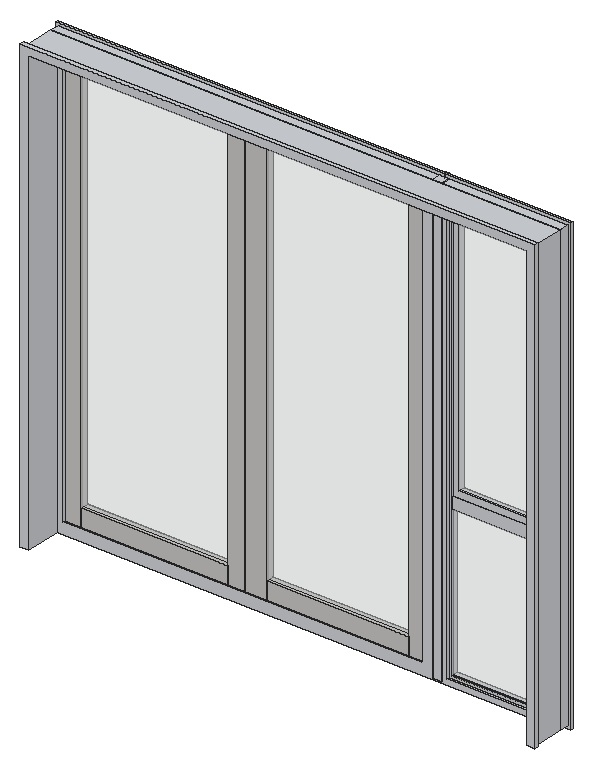
Revit family "APL Residential Thermal Heart French Door with Sidelight", category Doors, host Wall, Revit 2017 (continued)
Definition of nested family "APL Residential Thermal Heart French Door with Sidelight Horizontal Section"
  Definition of nested family "Open Out Jamb&Hinge"
    Definition of nested family "65210_Lock Stile"
      Lines and regions (mm)
        model lines, in view "Ref. Level"
          curve 204: line (50.1, 87, 0) -> (50.1, 71.5, 0)
          curve 205: line (49.6, 71, 0) -> (44.78, 71, 0)
          curve 206: line (44.58, 70.8, 0) -> (44.58, 70.2, 0)
          curve 207: line (44.38, 70, 0) -> (42.583, 70, 0)
          curve 208: line (41.813, 70.268, 0) -> (40.403, 70.782, 0)
          curve 209: line (40.001, 70.474, 0) -> (40.208, 68.108, 0)
          curve 210: line (40.295, 67.922, 0) -> (40.659, 67.559, 0)
          curve 211: line (40.993, 67.648, 0) -> (41.038, 67.816, 0)
          curve 212: line (41.038, 67.816, 0) -> (43.168, 68.49, 0)
          curve 213: line (43.168, 68.49, 0) -> (43.4, 68.5, 0)
          curve 214: line (43.5, 67.753, 0) -> (43.5, 64.525, 0)
          curve 215: line (43.5, 64.525, 0) -> (43.694, 63.75, 0)
          curve 216: line (43.5, 63.5, 0) -> (42.979, 63.5, 0)
          curve 217: line (42.979, 63.5, 0) -> (41.569, 64.309, 0)
          curve 218: arc (41.38, 64.663, 0) -> (41.128, 64.668, 0) -> (41, 64.45, 0) r 0.25
          curve 219: arc (30.9, 8.561, 0) -> (31.017, 8.844, 0) -> (31.3, 8.961, 0) r 0.4
          curve 220: arc (31.593, 8.961, 0) -> (31.696, 8.947, 0) -> (31.793, 8.907, 0) r 0.4
          curve 221: arc (33.321, 8.022, 0) -> (33.611, 7.902, 0) -> (33.922, 7.861, 0) r 1.2
          curve 222: arc (34.845, 7.861, 0) -> (35.418, 7.68, 0) -> (35.784, 7.203, 0) r 1
          curve 223: arc (36.577, 5.024, 0) -> (36.724, 4.833, 0) -> (36.953, 4.761, 0) r 0.4
          curve 224: arc (43.447, 4.761, 0) -> (43.676, 4.833, 0) -> (43.823, 5.024, 0) r 0.4
          curve 225: arc (44.616, 7.203, 0) -> (44.982, 7.68, 0) -> (45.555, 7.861, 0) r 1
          curve 226: arc (46.478, 7.861, 0) -> (46.789, 7.902, 0) -> (47.079, 8.022, 0) r 1.2
          curve 227: arc (48.607, 8.907, 0) -> (48.704, 8.947, 0) -> (48.807, 8.961, 0) r 0.4
          curve 228: arc (49.1, 8.961, 0) -> (49.383, 8.844, 0) -> (49.5, 8.561, 0) r 0.4
          curve 229: arc (49.5, 5.161, 0) -> (49.383, 4.878, 0) -> (49.1, 4.761, 0) r 0.4
          curve 230: arc (48.807, 4.761, 0) -> (48.704, 4.775, 0) -> (48.607, 4.815, 0) r 0.4
          curve 231: arc (47.079, 5.699, 0) -> (46.785, 5.821, 0) -> (46.47, 5.861, 0) r 1.2
          curve 232: arc (46.47, 5.861, 0) -> (46.295, 5.808, 0) -> (46.184, 5.664, 0) r 0.3
          curve 233: arc (45.296, 3.224, 0) -> (45.149, 3.033, 0) -> (44.92, 2.961, 0) r 0.4
          curve 234: arc (35.48, 2.961, 0) -> (35.251, 3.033, 0) -> (35.104, 3.224, 0) r 0.4
          curve 235: arc (34.216, 5.664, 0) -> (34.105, 5.808, 0) -> (33.93, 5.861, 0) r 0.3
          curve 236: arc (33.93, 5.861, 0) -> (33.615, 5.821, 0) -> (33.321, 5.699, 0) r 1.2
          curve 237: arc (31.793, 4.815, 0) -> (31.696, 4.775, 0) -> (31.593, 4.761, 0) r 0.4
          curve 238: arc (31.3, 4.761, 0) -> (31.017, 4.878, 0) -> (30.9, 5.161, 0) r 0.4
          curve 239: line (31.3, 8.961, 0) -> (31.593, 8.961, 0)
          curve 240: line (31.793, 8.907, 0) -> (33.321, 8.022, 0)
          curve 241: line (33.922, 7.861, 0) -> (34.845, 7.861, 0)
          curve 242: line (35.784, 7.203, 0) -> (36.577, 5.024, 0)
          curve 243: line (36.953, 4.761, 0) -> (43.447, 4.761, 0)
          curve 244: line (43.823, 5.024, 0) -> (44.616, 7.203, 0)
          curve 245: line (45.555, 7.861, 0) -> (46.478, 7.861, 0)
          curve 246: line (47.079, 8.022, 0) -> (48.607, 8.907, 0)
          curve 247: line (48.807, 8.961, 0) -> (49.1, 8.961, 0)
          curve 248: line (49.5, 8.561, 0) -> (49.5, 5.161, 0)
          curve 249: line (49.1, 4.761, 0) -> (48.807, 4.761, 0)
          curve 250: line (48.607, 4.815, 0) -> (47.079, 5.699, 0)
          curve 251: line (46.184, 5.664, 0) -> (45.296, 3.224, 0)
          curve 252: line (44.92, 2.961, 0) -> (35.48, 2.961, 0)
          curve 253: line (35.104, 3.224, 0) -> (34.216, 5.664, 0)
          curve 254: line (33.321, 5.699, 0) -> (31.793, 4.815, 0)
          curve 255: line (31.593, 4.761, 0) -> (31.3, 4.761, 0)
          curve 256: line (30.9, 5.161, 0) -> (30.9, 8.561, 0)
          curve 257: arc (24.9, 64.439, 0) -> (25.017, 64.156, 0) -> (25.3, 64.039, 0) r 0.4
          curve 258: arc (25.593, 64.039, 0) -> (25.696, 64.053, 0) -> (25.793, 64.093, 0) r 0.4
          curve 259: arc (27.321, 64.978, 0) -> (27.611, 65.098, 0) -> (27.922, 65.139, 0) r 1.2
          curve 260: arc (28.845, 65.139, 0) -> (29.418, 65.32, 0) -> (29.784, 65.797, 0) r 1
          curve 261: arc (30.577, 67.976, 0) -> (30.724, 68.167, 0) -> (30.953, 68.239, 0) r 0.4
          curve 262: arc (37.447, 68.239, 0) -> (37.676, 68.167, 0) -> (37.823, 67.976, 0) r 0.4
          curve 263: arc (38.616, 65.797, 0) -> (38.982, 65.32, 0) -> (39.555, 65.139, 0) r 1
          curve 264: arc (40.478, 65.139, 0) -> (40.789, 65.098, 0) -> (41.079, 64.978, 0) r 1.2
          curve 265: arc (42.607, 64.093, 0) -> (42.704, 64.053, 0) -> (42.807, 64.039, 0) r 0.4
          curve 266: arc (43.1, 64.039, 0) -> (43.383, 64.156, 0) -> (43.5, 64.439, 0) r 0.4
          curve 267: arc (43.5, 67.839, 0) -> (43.383, 68.122, 0) -> (43.1, 68.239, 0) r 0.4
          curve 268: arc (42.807, 68.239, 0) -> (42.704, 68.225, 0) -> (42.607, 68.185, 0) r 0.4
          curve 269: arc (41.079, 67.301, 0) -> (40.785, 67.179, 0) -> (40.47, 67.139, 0) r 1.2
          curve 270: arc (40.47, 67.139, 0) -> (40.295, 67.192, 0) -> (40.184, 67.336, 0) r 0.3
          curve 271: arc (39.296, 69.776, 0) -> (39.149, 69.967, 0) -> (38.92, 70.039, 0) r 0.4
          curve 272: arc (29.48, 70.039, 0) -> (29.251, 69.967, 0) -> (29.104, 69.776, 0) r 0.4
          curve 273: arc (28.216, 67.336, 0) -> (28.105, 67.192, 0) -> (27.93, 67.139, 0) r 0.3
          curve 274: arc (27.93, 67.139, 0) -> (27.615, 67.179, 0) -> (27.321, 67.301, 0) r 1.2
          curve 275: arc (25.793, 68.185, 0) -> (25.696, 68.225, 0) -> (25.593, 68.239, 0) r 0.4
          curve 276: arc (25.3, 68.239, 0) -> (25.017, 68.122, 0) -> (24.9, 67.839, 0) r 0.4
          curve 277: line (25.3, 64.039, 0) -> (25.593, 64.039, 0)
          curve 278: line (25.793, 64.093, 0) -> (27.321, 64.978, 0)
          curve 279: line (27.922, 65.139, 0) -> (28.845, 65.139, 0)
          curve 280: line (29.784, 65.797, 0) -> (30.577, 67.976, 0)
          curve 281: line (30.953, 68.239, 0) -> (37.447, 68.239, 0)
          curve 282: line (37.823, 67.976, 0) -> (38.616, 65.797, 0)
          curve 283: line (39.555, 65.139, 0) -> (40.478, 65.139, 0)
          curve 284: line (41.079, 64.978, 0) -> (42.607, 64.093, 0)
          curve 285: line (42.807, 64.039, 0) -> (43.1, 64.039, 0)
          curve 286: line (43.5, 64.439, 0) -> (43.5, 67.839, 0)
          curve 287: line (43.1, 68.239, 0) -> (42.807, 68.239, 0)
          curve 288: line (42.607, 68.185, 0) -> (41.079, 67.301, 0)
          curve 289: line (40.184, 67.336, 0) -> (39.296, 69.776, 0)
          curve 290: line (38.92, 70.039, 0) -> (29.48, 70.039, 0)
          curve 291: line (29.104, 69.776, 0) -> (28.216, 67.336, 0)
          curve 292: line (27.321, 67.301, 0) -> (25.793, 68.185, 0)
          curve 293: line (25.593, 68.239, 0) -> (25.3, 68.239, 0)
          curve 294: line (24.9, 67.839, 0) -> (24.9, 64.439, 0)
      Text (mm)
        text "65210" at (8.097, 105.51, 0), in view "Ref. Level"
  Definition of nested family "Glazing Bead"
    Parameters (values of type "Glazing Bead")
      Glass Lenght [instance] = 50 mm
    Reference planes
      plane 1 "Center (Front/Back)": y = 0
      plane 2: z = 0
      plane 3 "Center (Left/Right)": x = 0
      plane 4: y = -50
    Lines and regions (mm)
      Filled region 1, type "Solid Fill - Black", in view "Ref. Level"
        outline origin (0, 0, 0) x (1, 0, 0) y (0, 1, 0)
          loop
            line (4, 0) -> (4, -12) -> (20, -12) -> (20, 0) -> (4, 0)
      model lines, in view "Ref. Level"
        curve 1: line (4, -12, 0) -> (20, -12, 0)
        curve 2: line (0, -50, 0) -> (0, 0, 0)
        curve 3: line (0, 0, 0) -> (24, 0, 0)
        curve 4: line (24, 0, 0) -> (24, -50, 0)
        curve 5: line (20, 0, 0) -> (20, -50, 0)
        curve 6: line (4, 0, 0) -> (4, -50, 0)
      detail lines, in view "Ref. Level"
        curve 7: arc (-0.25, -4.9, 0) -> (0, -5.15, 0) -> (-0.25, -5.4, 0) r 0.25
        curve 8: arc (-0.25, -8.45, 0) -> (0, -8.7, 0) -> (-0.25, -8.95, 0) r 0.25
        curve 9: arc (-0.25, -9.619, 0) -> (0, -9.869, 0) -> (-0.25, -10.119, 0) r 0.25
        curve 10: arc (-0.25, -10.787, 0) -> (0, -11.037, 0) -> (-0.25, -11.287, 0) r 0.25
        curve 11: line (-0.25, -12.456, 0) -> (-1, -12.456, 0)
        curve 12: line (-1, -12.456, 0) -> (-1, -8.45, 0)
        curve 13: line (-1, -8.45, 0) -> (-2.2, -8.45, 0)
        curve 14: line (-2.2, -8.45, 0) -> (-2.2, -9.2, 0)
        curve 15: line (-2.2, -9.2, 0) -> (-2.8, -9.2, 0)
        curve 16: line (-2.8, -9.2, 0) -> (-2.8, -6.1, 0)
        curve 17: line (-2.8, -6.1, 0) -> (-2.2, -6.1, 0)
        curve 18: line (-2.2, -6.1, 0) -> (-2.2, -6.85, 0)
        curve 19: line (-2.2, -6.85, 0) -> (-1, -6.85, 0)
        curve 20: line (-1, -6.85, 0) -> (-1, -4.9, 0)
        curve 21: line (-1, -4.9, 0) -> (-0.25, -4.9, 0)
        curve 22: line (-0.25, -5.4, 0) -> (-0.25, -8.45, 0)
        curve 23: line (-0.25, -8.95, 0) -> (-0.25, -9.619, 0)
        curve 24: line (-0.25, -10.119, 0) -> (-0.25, -10.787, 0)
        curve 25: line (-0.25, -11.287, 0) -> (-0.25, -11.956, 0)
        curve 26: arc (-0.25, -11.956, 0) -> (0, -12.206, 0) -> (-0.25, -12.456, 0) r 0.25
      detail lines, in view "Ref. Level", not visible
        curve 27: arc (-0.25, -4.9, 0) -> (0, -5.15, 0) -> (-0.25, -5.4, 0) r 0.25
        curve 28: arc (-0.25, -8.45, 0) -> (0, -8.7, 0) -> (-0.25, -8.95, 0) r 0.25
        curve 29: arc (-0.25, -9.619, 0) -> (0, -9.869, 0) -> (-0.25, -10.119, 0) r 0.25
        curve 30: arc (-0.25, -10.787, 0) -> (0, -11.037, 0) -> (-0.25, -11.287, 0) r 0.25
        curve 31: line (-0.25, -12.456, 0) -> (-1, -12.456, 0)
        curve 32: line (-1, -12.456, 0) -> (-1, -8.45, 0)
        curve 33: line (-1, -8.45, 0) -> (-2.2, -8.45, 0)
        curve 34: line (-2.2, -8.45, 0) -> (-2.2, -9.2, 0)
        curve 35: line (-2.2, -9.2, 0) -> (-2.8, -9.2, 0)
        curve 36: line (-2.8, -9.2, 0) -> (-2.8, -6.1, 0)
        curve 37: line (-2.8, -6.1, 0) -> (-2.2, -6.1, 0)
        curve 38: line (-2.2, -6.1, 0) -> (-2.2, -6.85, 0)
        curve 39: line (-2.2, -6.85, 0) -> (-1, -6.85, 0)
        curve 40: line (-1, -6.85, 0) -> (-1, -4.9, 0)
        curve 41: line (-1, -4.9, 0) -> (-0.25, -4.9, 0)
        curve 42: line (-0.25, -5.4, 0) -> (-0.25, -8.45, 0)
        curve 43: line (-0.25, -8.95, 0) -> (-0.25, -9.619, 0)
        curve 44: line (-0.25, -10.119, 0) -> (-0.25, -10.787, 0)
        curve 45: line (-0.25, -11.287, 0) -> (-0.25, -11.956, 0)
        curve 46: arc (-0.25, -11.956, 0) -> (0, -12.206, 0) -> (-0.25, -12.456, 0) r 0.25
        curve 47: arc (62.983, -3.041, 0) -> (62.673, -2.901, 0) -> (62.511, -3.2, 0) r 0.25
        curve 48: arc (62.537, -13.088, 0) -> (62.7, -13.387, 0) -> (63.01, -13.247, 0) r 0.25
        curve 49: line (62.511, -3.2, 0) -> (63.505, -7.068, 0)
        curve 50: line (63.505, -7.068, 0) -> (62.502, -7.647, 0)
        curve 51: line (62.502, -7.647, 0) -> (62.502, -8.647, 0)
        curve 52: line (62.502, -8.647, 0) -> (63.527, -9.239, 0)
        curve 53: line (63.527, -9.239, 0) -> (62.537, -13.088, 0)
        curve 54: line (63.01, -13.247, 0) -> (64.734, -9.147, 0)
        curve 55: line (64.734, -9.147, 0) -> (66.002, -9.147, 0)
        curve 56: line (66.002, -9.147, 0) -> (66.002, -10.397, 0)
        curve 57: line (66.002, -10.397, 0) -> (67.002, -10.397, 0)
        curve 58: line (67.002, -10.397, 0) -> (67.002, -5.897, 0)
        curve 59: line (67.002, -5.897, 0) -> (66.002, -5.897, 0)
        curve 60: line (66.002, -5.897, 0) -> (66.002, -7.147, 0)
        curve 61: line (66.002, -7.147, 0) -> (64.71, -7.147, 0)
        curve 62: line (64.71, -7.147, 0) -> (62.983, -3.041, 0)
    Dimensions and locks
      "Glass Lenght": plane 1 "Center (Front/Back)" to plane 4
      aligned and locked: plane 4 to curve 2
      aligned and locked: plane 1 "Center (Front/Back)" to Filled region 1 sketch curve
      aligned and locked: Filled region 1 sketch curve to curve 6
      aligned and locked: Filled region 1 sketch curve to curve 1
      aligned and locked: Filled region 1 sketch curve to curve 5
    Automatic sketch dimensions
      plane 1 "Center (Front/Back)" to curve 2 = 0 mm
      curve 2 to plane 3 "Center (Left/Right)" = 0 mm
      curve 6 to plane 4 = 0 mm
      curve 5 to plane 4 = 0 mm
      curve 4 to plane 4 = 0 mm
      curve 5 to curve 3 = 4 mm
      plane 3 "Center (Left/Right)" to curve 1 = 4 mm
      curve 6 to curve 5 = 16 mm
      plane 1 "Center (Front/Back)" to curve 1 = 12 mm
    Nested families
      nested 1: "65015_Bead" at (-15.5, 6.328, 0), type "65015_Bead", in view "Ref. Level"
    Definition of nested family "65015_Bead"
      Reference planes
        plane 1 "Center (Front/Back)": y = 0
        plane 2: z = 0
        plane 3 "Center (Left/Right)": x = 0
      Lines and regions (mm)
        model lines, in view "Ref. Level"
          curve 1: arc (13.5, 12.78, 0) -> (13.558, 12.92, 0) -> (13.698, 12.978, 0) r 0.198
          curve 2: arc (14.302, 12.978, 0) -> (14.442, 12.918, 0) -> (14.5, 12.777, 0) r 0.201
          curve 3: arc (14.5, 10.175, 0) -> (14.442, 10.036, 0) -> (14.302, 9.978, 0) r 0.198
          curve 4: arc (13.698, 9.978, 0) -> (13.558, 10.036, 0) -> (13.5, 10.175, 0) r 0.198
          curve 5: arc (13.5, 11.027, 0) -> (13.442, 11.169, 0) -> (13.3, 11.228, 0) r 0.2
          curve 6: arc (12.7, 11.228, 0) -> (11.851, 11.579, 0) -> (11.5, 12.428, 0) r 1.2
          curve 7: arc (11.5, 13.628, 0) -> (11.377, 13.813, 0) -> (11.159, 13.769, 0) r 0.2
          curve 8: arc (1.546, 4.157, 0) -> (1.438, 3.995, 0) -> (1.4, 3.804, 0) r 0.5
          curve 9: arc (1.4, 1.817, 0) -> (1.467, 1.567, 0) -> (1.65, 1.384, 0) r 0.5
          curve 10: arc (10.675, -3.827, 0) -> (10.913, -4.714, 0) -> (10.025, -4.952, 0) r 0.65
          curve 11: arc (3.306, -1.073, 0) -> (2.928, -1.023, 0) -> (2.624, -1.254, 0) r 0.5
          curve 12: arc (2.587, -2.129, 0) -> (2.248, -2.45, 0) -> (1.791, -2.352, 0) r 0.5
          curve 13: arc (1.518, -2.123, 0) -> (1.466, -2.054, 0) -> (1.447, -1.97, 0) r 0.2
          curve 14: arc (1.447, -1.115, 0) -> (1.476, -1.011, 0) -> (1.555, -0.938, 0) r 0.2
          curve 15: arc (1.555, -0.938, 0) -> (1.717, -0.809, 0) -> (1.82, -0.63, 0) r 0.55
          curve 16: arc (1.82, -0.63, 0) -> (1.825, -0.452, 0) -> (1.729, -0.302, 0) r 0.3
          curve 17: arc (0.2, 0, 0) -> (0.059, 0.059, 0) -> (0, 0.2, 0) r 0.2
          curve 18: arc (0, 4.383, 0) -> (0.038, 4.575, 0) -> (0.146, 4.737, 0) r 0.5
          curve 19: arc (14.159, 18.749, 0) -> (14.377, 18.792, 0) -> (14.5, 18.608, 0) r 0.2
          curve 20: arc (14.5, 15.172, 0) -> (14.442, 15.034, 0) -> (14.303, 14.978, 0) r 0.194
          curve 21: arc (13.698, 14.978, 0) -> (13.559, 15.038, 0) -> (13.5, 15.177, 0) r 0.203
          curve 22: arc (13.5, 15.528, 0) -> (13.441, 15.669, 0) -> (13.3, 15.728, 0) r 0.201
          curve 23: arc (12.7, 15.728, 0) -> (12.559, 15.669, 0) -> (12.5, 15.528, 0) r 0.2
          curve 24: arc (12.5, 12.428, 0) -> (12.559, 12.286, 0) -> (12.7, 12.228, 0) r 0.2
          curve 25: line (13.5, 12.428, 0) -> (13.5, 12.78, 0)
          curve 26: line (13.698, 12.978, 0) -> (14.302, 12.978, 0)
          curve 27: line (14.5, 12.777, 0) -> (14.5, 10.175, 0)
          curve 28: line (14.302, 9.978, 0) -> (13.698, 9.978, 0)
          curve 29: line (13.5, 10.175, 0) -> (13.5, 11.027, 0)
          curve 30: line (13.3, 11.228, 0) -> (12.7, 11.228, 0)
          curve 31: line (11.5, 12.428, 0) -> (11.5, 13.628, 0)
          curve 32: line (11.159, 13.769, 0) -> (1.546, 4.157, 0)
          curve 33: line (1.4, 3.804, 0) -> (1.4, 1.817, 0)
          curve 34: line (1.65, 1.384, 0) -> (10.675, -3.827, 0)
          curve 35: line (10.025, -4.952, 0) -> (3.306, -1.073, 0)
          curve 36: line (2.597, -1.355, 0) -> (2.597, -2.065, 0)
          curve 37: line (1.791, -2.352, 0) -> (1.518, -2.123, 0)
          curve 38: line (1.518, -2.123, 0) -> (1.447, -1.115, 0)
          curve 39: line (1.729, -0.302, 0) -> (1.425, -0.047, 0)
          curve 40: line (1.425, -0.047, 0) -> (0.2, 0, 0)
          curve 41: line (0, 0.2, 0) -> (0, 4.383, 0)
          curve 42: line (0.146, 4.737, 0) -> (14.159, 18.749, 0)
          curve 43: line (14.5, 18.608, 0) -> (14.5, 15.172, 0)
          curve 44: line (14.303, 14.978, 0) -> (13.698, 14.978, 0)
          curve 45: line (13.5, 15.177, 0) -> (13.5, 15.528, 0)
          curve 46: line (13.3, 15.728, 0) -> (12.7, 15.728, 0)
          curve 47: line (12.5, 15.528, 0) -> (12.5, 12.428, 0)
          curve 48: line (12.7, 12.228, 0) -> (13.3, 12.228, 0)
          curve 49: arc (13.3, 12.228, 0) -> (13.441, 12.286, 0) -> (13.5, 12.428, 0) r 0.2
      Text (mm)
        text "65015" at (32.01, 10.207, 0), in view "Ref. Level"
  Definition of nested family "Keeper&Lock Stile"
    Reference planes
      plane 1 "Center (Front/Back)": y = 0
      plane 2: z = 0
      plane 3 "Center (Left/Right)": x = 0
    Lines and regions (mm)
      detail lines, in view "Ref. Level"
        curve 1: arc (-18.353, 45.503, 0) -> (-18.847, 45.503, 0) -> (-18.847, 45.997, 0) r 0.35
        curve 2: arc (-16.497, 48.347, 0) -> (-16.003, 48.347, 0) -> (-16.003, 47.853, 0) r 0.35
        curve 3: arc (-17.549, 45.655, 0) -> (-17.821, 45.781, 0) -> (-17.778, 46.077, 0) r 0.25
        curve 4: arc (-7.038, 49.8, 0) -> (-8.076, 50.183, 0) -> (-8.618, 51.147, 0) r 1.6
        curve 5: arc (-7.038, 50.4, 0) -> (-7.745, 50.693, 0) -> (-8.038, 51.4, 0) r 1
        curve 6: arc (-14, 51.75, 0) -> (-13.927, 51.927, 0) -> (-13.75, 52, 0) r 0.25
        curve 7: arc (-13.875, 51.183, 0) -> (-13.967, 51.275, 0) -> (-14, 51.4, 0) r 0.25
        curve 8: arc (-13.875, 51.183, 0) -> (-13.6, 50.909, 0) -> (-13.5, 50.534, 0) r 0.75
        curve 9: arc (-8.915, 51.4, 0) -> (-8.719, 51.328, 0) -> (-8.618, 51.147, 0) r 0.3
        curve 10: arc (-8.538, 52, 0) -> (-8.184, 51.854, 0) -> (-8.038, 51.5, 0) r 0.5
        curve 11: arc (-12, 50.65, 0) -> (-11.78, 51.18, 0) -> (-11.25, 51.4, 0) r 0.75
        curve 12: arc (-13.5, 47.854, 0) -> (-13.671, 47.477, 0) -> (-14.067, 47.358, 0) r 0.5
        curve 13: arc (-15.962, 47.527, 0) -> (-15.706, 47.559, 0) -> (-15.448, 47.546, 0) r 1.5
        curve 14: arc (-11, 45.45, 0) -> (-11.169, 45.456, 0) -> (-11.337, 45.473, 0) r 2.5
        curve 15: arc (-11.25, 46.95, 0) -> (-11.78, 47.17, 0) -> (-12, 47.7, 0) r 0.75
        curve 16: arc (-5.394, 50.157, 0) -> (-5.012, 48.747, 0) -> (-5.69, 47.453, 0) r 2.001
        curve 17: arc (-5.776, 49.646, 0) -> (-5.621, 48.722, 0) -> (-6.083, 47.907, 0) r 1.401
        curve 18: arc (-5.876, 50.4, 0) -> (-5.606, 50.336, 0) -> (-5.394, 50.157, 0) r 0.6
        curve 19: arc (-6.039, 49.8, 0) -> (-5.886, 49.759, 0) -> (-5.776, 49.646, 0) r 0.3
        curve 20: arc (-7.887, 45.548, 0) -> (-8.009, 45.475, 0) -> (-8.149, 45.45, 0) r 0.4
        curve 21: arc (-6.975, 47.133, 0) -> (-7.204, 46.997, 0) -> (-7.466, 46.95, 0) r 0.75
        curve 22: line (-11.337, 45.473, 0) -> (-15.65, 46.06, 0)
        curve 23: line (-15.65, 46.06, 0) -> (-17.549, 45.655, 0)
        curve 24: line (-18.847, 45.997, 0) -> (-16.497, 48.347, 0)
        curve 25: line (-16.003, 47.853, 0) -> (-18.353, 45.503, 0)
        curve 26: line (-8.149, 45.45, 0) -> (-11, 45.45, 0)
        curve 27: line (-7.466, 46.95, 0) -> (-11.25, 46.95, 0)
        curve 28: line (-13.5, 47.854, 0) -> (-13.5, 50.534, 0)
        curve 29: line (-12, 47.7, 0) -> (-12, 50.65, 0)
        curve 30: line (-13.75, 52, 0) -> (-8.538, 52, 0)
        curve 31: line (-14, 51.4, 0) -> (-14, 51.75, 0)
        curve 32: line (-11.25, 51.4, 0) -> (-8.915, 51.4, 0)
        curve 33: line (-15.448, 47.546, 0) -> (-14.067, 47.358, 0)
        curve 34: line (-16.427, 47.428, 0) -> (-15.962, 47.527, 0)
        curve 35: line (-6.039, 49.8, 0) -> (-7.038, 49.8, 0)
        curve 36: line (-5.876, 50.4, 0) -> (-7.038, 50.4, 0)
        curve 37: line (-5.69, 47.453, 0) -> (-7.887, 45.548, 0)
        curve 38: line (-6.083, 47.907, 0) -> (-6.975, 47.133, 0)
        curve 77: arc (18.353, 6.497, 0) -> (18.847, 6.497, 0) -> (18.847, 6.003, 0) r 0.35
        curve 78: arc (16.497, 3.653, 0) -> (16.003, 3.653, 0) -> (16.003, 4.147, 0) r 0.35
        curve 79: arc (17.549, 6.345, 0) -> (17.821, 6.219, 0) -> (17.778, 5.923, 0) r 0.25
        curve 80: arc (7.038, 2.2, 0) -> (8.076, 1.817, 0) -> (8.618, 0.853, 0) r 1.6
        curve 81: arc (7.038, 1.6, 0) -> (7.745, 1.307, 0) -> (8.038, 0.6, 0) r 1
        curve 82: arc (14, 0.25, 0) -> (13.927, 0.073, 0) -> (13.75, 0, 0) r 0.25
        curve 83: arc (13.875, 0.817, 0) -> (13.967, 0.725, 0) -> (14, 0.6, 0) r 0.25
        curve 84: arc (13.875, 0.817, 0) -> (13.6, 1.091, 0) -> (13.5, 1.466, 0) r 0.75
        curve 85: arc (8.915, 0.6, 0) -> (8.719, 0.672, 0) -> (8.618, 0.853, 0) r 0.3
        curve 86: arc (8.538, 0, 0) -> (8.184, 0.146, 0) -> (8.038, 0.5, 0) r 0.5
        curve 87: arc (12, 1.35, 0) -> (11.78, 0.82, 0) -> (11.25, 0.6, 0) r 0.75
        curve 88: arc (13.5, 4.146, 0) -> (13.671, 4.523, 0) -> (14.067, 4.642, 0) r 0.5
        curve 89: arc (15.962, 4.473, 0) -> (15.706, 4.441, 0) -> (15.448, 4.454, 0) r 1.5
        curve 90: arc (11, 6.55, 0) -> (11.169, 6.544, 0) -> (11.337, 6.527, 0) r 2.5
        curve 91: arc (11.25, 5.05, 0) -> (11.78, 4.83, 0) -> (12, 4.3, 0) r 0.75
        curve 92: arc (5.394, 1.843, 0) -> (5.012, 3.253, 0) -> (5.69, 4.547, 0) r 2.001
        curve 93: arc (5.776, 2.354, 0) -> (5.621, 3.278, 0) -> (6.083, 4.093, 0) r 1.401
        curve 94: arc (5.876, 1.6, 0) -> (5.606, 1.664, 0) -> (5.394, 1.843, 0) r 0.6
        curve 95: arc (6.039, 2.2, 0) -> (5.886, 2.241, 0) -> (5.776, 2.354, 0) r 0.3
        curve 96: arc (7.887, 6.452, 0) -> (8.009, 6.525, 0) -> (8.149, 6.55, 0) r 0.4
        curve 97: arc (6.975, 4.867, 0) -> (7.204, 5.003, 0) -> (7.466, 5.05, 0) r 0.75
        curve 98: line (11.337, 6.527, 0) -> (15.65, 5.94, 0)
        curve 99: line (15.65, 5.94, 0) -> (17.549, 6.345, 0)
        curve 100: line (18.847, 6.003, 0) -> (16.497, 3.653, 0)
        curve 101: line (16.003, 4.147, 0) -> (18.353, 6.497, 0)
        curve 102: line (8.149, 6.55, 0) -> (11, 6.55, 0)
        curve 103: line (7.466, 5.05, 0) -> (11.25, 5.05, 0)
        curve 104: line (13.5, 4.146, 0) -> (13.5, 1.466, 0)
        curve 105: line (12, 4.3, 0) -> (12, 1.35, 0)
        curve 106: line (13.75, 0, 0) -> (8.538, 0, 0)
        curve 107: line (14, 0.6, 0) -> (14, 0.25, 0)
        curve 108: line (11.25, 0.6, 0) -> (8.915, 0.6, 0)
        curve 109: line (15.448, 4.454, 0) -> (14.067, 4.642, 0)
        curve 110: line (16.427, 4.572, 0) -> (15.962, 4.473, 0)
        curve 111: line (6.039, 2.2, 0) -> (7.038, 2.2, 0)
        curve 112: line (5.876, 1.6, 0) -> (7.038, 1.6, 0)
        curve 113: line (5.69, 4.547, 0) -> (7.887, 6.452, 0)
        curve 114: line (6.083, 4.093, 0) -> (6.975, 4.867, 0)
        curve 115: arc (-87.144, 40.782, 0) -> (-87.004, 40.472, 0) -> (-87.303, 40.309, 0) r 0.25
        curve 116: arc (-97.191, 40.336, 0) -> (-97.491, 40.498, 0) -> (-97.351, 40.808, 0) r 0.25
        curve 117: line (-87.303, 40.309, 0) -> (-91.171, 41.303, 0)
        curve 118: line (-91.171, 41.303, 0) -> (-91.75, 40.3, 0)
        curve 119: line (-91.75, 40.3, 0) -> (-92.75, 40.3, 0)
        curve 120: line (-92.75, 40.3, 0) -> (-93.342, 41.325, 0)
        curve 121: line (-93.342, 41.325, 0) -> (-97.191, 40.336, 0)
        curve 122: line (-97.351, 40.808, 0) -> (-93.25, 42.532, 0)
        curve 123: line (-93.25, 42.532, 0) -> (-93.25, 43.8, 0)
        curve 124: line (-93.25, 43.8, 0) -> (-94.5, 43.8, 0)
        curve 125: line (-94.5, 43.8, 0) -> (-94.5, 44.8, 0)
        curve 126: line (-94.5, 44.8, 0) -> (-90, 44.8, 0)
        curve 127: line (-90, 44.8, 0) -> (-90, 43.8, 0)
        curve 128: line (-90, 43.8, 0) -> (-91.25, 43.8, 0)
        curve 129: line (-91.25, 43.8, 0) -> (-91.25, 42.508, 0)
        curve 130: line (-91.25, 42.508, 0) -> (-87.144, 40.782, 0)
        curve 147: arc (87.144, 40.782, 0) -> (87.004, 40.472, 0) -> (87.303, 40.309, 0) r 0.25
        curve 148: arc (97.191, 40.336, 0) -> (97.491, 40.498, 0) -> (97.351, 40.808, 0) r 0.25
        curve 149: line (87.303, 40.309, 0) -> (91.171, 41.303, 0)
        curve 150: line (91.171, 41.303, 0) -> (91.75, 40.3, 0)
        curve 151: line (91.75, 40.3, 0) -> (92.75, 40.3, 0)
        curve 152: line (92.75, 40.3, 0) -> (93.342, 41.325, 0)
        curve 153: line (93.342, 41.325, 0) -> (97.191, 40.336, 0)
        curve 154: line (97.351, 40.808, 0) -> (93.25, 42.532, 0)
        curve 155: line (93.25, 42.532, 0) -> (93.25, 43.8, 0)
        curve 156: line (93.25, 43.8, 0) -> (94.5, 43.8, 0)
        curve 157: line (94.5, 43.8, 0) -> (94.5, 44.8, 0)
        curve 158: line (94.5, 44.8, 0) -> (90, 44.8, 0)
        curve 159: line (90, 44.8, 0) -> (90, 43.8, 0)
        curve 160: line (90, 43.8, 0) -> (91.25, 43.8, 0)
        curve 161: line (91.25, 43.8, 0) -> (91.25, 42.508, 0)
        curve 162: line (91.25, 42.508, 0) -> (87.144, 40.782, 0)
      detail lines, in view "Ref. Level", not visible
        curve 39: arc (-18.353, 45.503, 0) -> (-18.847, 45.503, 0) -> (-18.847, 45.997, 0) r 0.35
        curve 40: arc (-16.497, 48.347, 0) -> (-16.003, 48.347, 0) -> (-16.003, 47.853, 0) r 0.35
        curve 41: arc (-17.549, 45.655, 0) -> (-17.821, 45.781, 0) -> (-17.778, 46.077, 0) r 0.25
        curve 42: arc (-7.038, 49.8, 0) -> (-8.076, 50.183, 0) -> (-8.618, 51.147, 0) r 1.6
        curve 43: arc (-7.038, 50.4, 0) -> (-7.745, 50.693, 0) -> (-8.038, 51.4, 0) r 1
        curve 44: arc (-14, 51.75, 0) -> (-13.927, 51.927, 0) -> (-13.75, 52, 0) r 0.25
        curve 45: arc (-13.875, 51.183, 0) -> (-13.967, 51.275, 0) -> (-14, 51.4, 0) r 0.25
        curve 46: arc (-13.875, 51.183, 0) -> (-13.6, 50.909, 0) -> (-13.5, 50.534, 0) r 0.75
        curve 47: arc (-8.915, 51.4, 0) -> (-8.719, 51.328, 0) -> (-8.618, 51.147, 0) r 0.3
        curve 48: arc (-8.538, 52, 0) -> (-8.184, 51.854, 0) -> (-8.038, 51.5, 0) r 0.5
        curve 49: arc (-12, 50.65, 0) -> (-11.78, 51.18, 0) -> (-11.25, 51.4, 0) r 0.75
        curve 50: arc (-13.5, 47.854, 0) -> (-13.671, 47.477, 0) -> (-14.067, 47.358, 0) r 0.5
        curve 51: arc (-15.962, 47.527, 0) -> (-15.706, 47.559, 0) -> (-15.448, 47.546, 0) r 1.5
        curve 52: arc (-11, 45.45, 0) -> (-11.169, 45.456, 0) -> (-11.337, 45.473, 0) r 2.5
        curve 53: arc (-11.25, 46.95, 0) -> (-11.78, 47.17, 0) -> (-12, 47.7, 0) r 0.75
        curve 54: arc (-5.394, 50.157, 0) -> (-5.012, 48.747, 0) -> (-5.69, 47.453, 0) r 2.001
        curve 55: arc (-5.776, 49.646, 0) -> (-5.621, 48.722, 0) -> (-6.083, 47.907, 0) r 1.401
        curve 56: arc (-5.876, 50.4, 0) -> (-5.606, 50.336, 0) -> (-5.394, 50.157, 0) r 0.6
        curve 57: arc (-6.039, 49.8, 0) -> (-5.886, 49.759, 0) -> (-5.776, 49.646, 0) r 0.3
        curve 58: arc (-7.887, 45.548, 0) -> (-8.009, 45.475, 0) -> (-8.149, 45.45, 0) r 0.4
        curve 59: arc (-6.975, 47.133, 0) -> (-7.204, 46.997, 0) -> (-7.466, 46.95, 0) r 0.75
        curve 60: line (-11.337, 45.473, 0) -> (-15.65, 46.06, 0)
        curve 61: line (-15.65, 46.06, 0) -> (-17.549, 45.655, 0)
        curve 62: line (-18.847, 45.997, 0) -> (-16.497, 48.347, 0)
        curve 63: line (-16.003, 47.853, 0) -> (-18.353, 45.503, 0)
        curve 64: line (-8.149, 45.45, 0) -> (-11, 45.45, 0)
        curve 65: line (-7.466, 46.95, 0) -> (-11.25, 46.95, 0)
        curve 66: line (-13.5, 47.854, 0) -> (-13.5, 50.534, 0)
        curve 67: line (-12, 47.7, 0) -> (-12, 50.65, 0)
        curve 68: line (-13.75, 52, 0) -> (-8.538, 52, 0)
        curve 69: line (-14, 51.4, 0) -> (-14, 51.75, 0)
        curve 70: line (-11.25, 51.4, 0) -> (-8.915, 51.4, 0)
        curve 71: line (-15.448, 47.546, 0) -> (-14.067, 47.358, 0)
        curve 72: line (-16.427, 47.428, 0) -> (-15.962, 47.527, 0)
        curve 73: line (-6.039, 49.8, 0) -> (-7.038, 49.8, 0)
        curve 74: line (-5.876, 50.4, 0) -> (-7.038, 50.4, 0)
        curve 75: line (-5.69, 47.453, 0) -> (-7.887, 45.548, 0)
        curve 76: line (-6.083, 47.907, 0) -> (-6.975, 47.133, 0)
        curve 131: arc (27.921, 135.423, 0) -> (27.611, 135.563, 0) -> (27.449, 135.264, 0) r 0.25
        curve 132: arc (27.475, 125.376, 0) -> (27.637, 125.077, 0) -> (27.948, 125.217, 0) r 0.25
        curve 133: line (27.449, 135.264, 0) -> (28.443, 131.396, 0)
        curve 134: line (28.443, 131.396, 0) -> (27.439, 130.817, 0)
        curve 135: line (27.439, 130.817, 0) -> (27.439, 129.817, 0)
        curve 136: line (27.439, 129.817, 0) -> (28.465, 129.225, 0)
        curve 137: line (28.465, 129.225, 0) -> (27.475, 125.376, 0)
        curve 138: line (27.948, 125.217, 0) -> (29.672, 129.317, 0)
        curve 139: line (29.672, 129.317, 0) -> (30.939, 129.317, 0)
        curve 140: line (30.939, 129.317, 0) -> (30.939, 128.067, 0)
        curve 141: line (30.939, 128.067, 0) -> (31.939, 128.067, 0)
        curve 142: line (31.939, 128.067, 0) -> (31.939, 132.567, 0)
        curve 143: line (31.939, 132.567, 0) -> (30.939, 132.567, 0)
        curve 144: line (30.939, 132.567, 0) -> (30.939, 131.317, 0)
        curve 145: line (30.939, 131.317, 0) -> (29.647, 131.317, 0)
        curve 146: line (29.647, 131.317, 0) -> (27.921, 135.423, 0)
    Dimensions and locks
      locked: nested 2 to nested 1 at 20
      nested 2 to nested 1 = 6 mm
    Nested families
      nested 1: "65220_Rebated Lock Stile" at (-14, 0, 0) x (0, -1, 0) z (0, 0, 1), type "65220_Rebated Lock Stile", in view "Ref. Level"
      nested 2: "65240_Rebated Keeper Stile" at (10, 0, 0) x (0, 1, 0) z (0, 0, 1), type "65240_Rebated Keeper Stile", in view "Ref. Level"
    Definition of nested family "65220_Rebated Lock Stile"
      Reference planes
        plane 1 "Center (Front/Back)": y = 0
        plane 2: z = 0
        plane 3 "Center (Left/Right)": x = 0
      Lines and regions (mm)
        model lines, in view "Ref. Level"
          curve 1: arc (-1.453, 62.127, 0) -> (-1.357, 62.052, 0) -> (-1.322, 61.935, 0) r 0.2
          curve 2: arc (-1.421, 57.06, 0) -> (-1.721, 56.366, 0) -> (-2.42, 56.08, 0) r 1
          curve 3: arc (-9.8, 56.08, 0) -> (-10.507, 56.373, 0) -> (-10.8, 57.08, 0) r 1
          curve 4: arc (-10.8, 61.172, 0) -> (-10.773, 61.272, 0) -> (-10.7, 61.345, 0) r 0.2
          curve 5: arc (-9.6, 61.98, 0) -> (-9.38, 62.2, 0) -> (-9.3, 62.5, 0) r 0.6
          curve 6: arc (-9.3, 62.8, 0) -> (-9.359, 62.941, 0) -> (-9.5, 63, 0) r 0.2
          curve 7: arc (-16.503, 63, 0) -> (-17.21, 62.707, 0) -> (-17.503, 62, 0) r 1
          curve 8: arc (-17.503, 56.28, 0) -> (-17.561, 56.139, 0) -> (-17.703, 56.08, 0) r 0.2
          curve 9: arc (-22.803, 56.08, 0) -> (-22.944, 56.139, 0) -> (-23.003, 56.28, 0) r 0.2
          curve 10: arc (-23.003, 62, 0) -> (-23.295, 62.707, 0) -> (-24.003, 63, 0) r 1
          curve 11: arc (-25.817, 63, 0) -> (-26.122, 62.801, 0) -> (-26.395, 63.043, 0) r 0.3
          curve 12: arc (-26.395, 63.043, 0) -> (-26.461, 63.181, 0) -> (-26.587, 63.268, 0) r 0.3
          curve 13: arc (-27.997, 63.782, 0) -> (-28.283, 63.738, 0) -> (-28.399, 63.474, 0) r 0.3
          curve 14: arc (-28.192, 61.108, 0) -> (-28.165, 61.008, 0) -> (-28.105, 60.922, 0) r 0.3
          curve 15: arc (-27.741, 60.559, 0) -> (-27.548, 60.507, 0) -> (-27.407, 60.648, 0) r 0.2
          curve 16: arc (-27.362, 60.816, 0) -> (-27.31, 60.905, 0) -> (-27.221, 60.957, 0) r 0.2
          curve 17: arc (-25, 61.5, 0) -> (-24.72, 61.307, 0) -> (-24.8, 60.976, 0) r 0.3
          curve 18: arc (-24.8, 60.976, 0) -> (-24.874, 60.875, 0) -> (-24.9, 60.753, 0) r 0.3
          curve 19: arc (-24.706, 56.75, 0) -> (-24.742, 56.578, 0) -> (-24.9, 56.5, 0) r 0.2
          curve 20: arc (-25.421, 56.5, 0) -> (-25.502, 56.511, 0) -> (-25.577, 56.544, 0) r 0.3
          curve 21: arc (-26.831, 57.309, 0) -> (-26.828, 57.479, 0) -> (-26.934, 57.611, 0) r 0.25
          curve 22: arc (-27.019, 57.663, 0) -> (-27.272, 57.668, 0) -> (-27.4, 57.45, 0) r 0.25
          curve 23: arc (-27.4, 54.7, 0) -> (-27.341, 54.559, 0) -> (-27.2, 54.5, 0) r 0.2
          curve 24: arc (-16.403, 54.5, 0) -> (-16.049, 54.646, 0) -> (-15.903, 55, 0) r 0.5
          curve 25: arc (-15.903, 61.2, 0) -> (-15.844, 61.341, 0) -> (-15.703, 61.4, 0) r 0.2
          curve 26: arc (-12.6, 61.4, 0) -> (-12.459, 61.341, 0) -> (-12.4, 61.2, 0) r 0.2
          curve 27: arc (-12.4, 57.08, 0) -> (-11.638, 55.242, 0) -> (-9.8, 54.48, 0) r 2.6
          curve 28: arc (-1.8, 54.48, 0) -> (-1.659, 54.421, 0) -> (-1.6, 54.28, 0) r 0.2
          curve 29: arc (-1.6, -4.898, 0) -> (-1.746, -5.252, 0) -> (-2.1, -5.398, 0) r 0.5
          curve 30: arc (-4.2, -5.398, 0) -> (-4.341, -5.339, 0) -> (-4.4, -5.198, 0) r 0.2
          curve 31: arc (-4.4, -4.2, 0) -> (-4.927, -2.927, 0) -> (-6.2, -2.4, 0) r 1.8
          curve 32: arc (-22.08, -2.4, 0) -> (-22.787, -2.107, 0) -> (-23.08, -1.4, 0) r 1
          curve 33: arc (-23.08, 3.4, 0) -> (-23.373, 4.107, 0) -> (-24.08, 4.4, 0) r 1
          curve 34: arc (-27.28, 4.4, 0) -> (-27.421, 4.341, 0) -> (-27.48, 4.2, 0) r 0.2
          curve 35: arc (-27.48, 1.551, 0) -> (-27.353, 1.332, 0) -> (-27.1, 1.337, 0) r 0.25
          curve 36: arc (-27.014, 1.389, 0) -> (-26.908, 1.521, 0) -> (-26.911, 1.691, 0) r 0.25
          curve 37: arc (-25.657, 2.456, 0) -> (-25.582, 2.489, 0) -> (-25.501, 2.5, 0) r 0.3
          curve 38: arc (-24.98, 2.5, 0) -> (-24.822, 2.422, 0) -> (-24.786, 2.25, 0) r 0.2
          curve 39: arc (-24.98, -1.753, 0) -> (-24.954, -1.875, 0) -> (-24.88, -1.976, 0) r 0.3
          curve 40: arc (-24.88, -1.976, 0) -> (-24.8, -2.307, 0) -> (-25.08, -2.5, 0) r 0.3
          curve 41: arc (-27.301, -1.957, 0) -> (-27.39, -1.905, 0) -> (-27.442, -1.816, 0) r 0.2
          curve 42: arc (-27.487, -1.648, 0) -> (-27.628, -1.507, 0) -> (-27.821, -1.559, 0) r 0.2
          curve 43: arc (-28.185, -1.922, 0) -> (-28.245, -2.008, 0) -> (-28.272, -2.108, 0) r 0.3
          curve 44: arc (-28.479, -4.474, 0) -> (-28.363, -4.738, 0) -> (-28.077, -4.782, 0) r 0.3
          curve 45: arc (-26.667, -4.268, 0) -> (-26.541, -4.181, 0) -> (-26.475, -4.043, 0) r 0.3
          curve 46: arc (-26.475, -4.043, 0) -> (-26.202, -3.801, 0) -> (-25.897, -4, 0) r 0.3
          curve 47: arc (-6.2, -4, 0) -> (-6.059, -4.059, 0) -> (-6, -4.2, 0) r 0.2
          curve 48: arc (-6, -6.798, 0) -> (-5.941, -6.939, 0) -> (-5.8, -6.998, 0) r 0.2
          curve 49: arc (-2, -6.998, 0) -> (-1.646, -7.144, 0) -> (-1.5, -7.498, 0) r 0.5
          curve 50: arc (-1.5, -21.5, 0) -> (-1.354, -21.854, 0) -> (-1, -22, 0) r 0.5
          curve 51: arc (-0.5, -22, 0) -> (-0.146, -21.854, 0) -> (0, -21.5, 0) r 0.5
          curve 52: arc (0, 62.8, 0) -> (-0.059, 62.941, 0) -> (-0.2, 63, 0) r 0.2
          curve 53: line (-1.322, 61.935, 0) -> (-1.421, 57.06, 0)
          curve 54: line (-2.42, 56.08, 0) -> (-9.8, 56.08, 0)
          curve 55: line (-10.8, 57.08, 0) -> (-10.8, 61.172, 0)
          curve 56: line (-10.7, 61.345, 0) -> (-9.6, 61.98, 0)
          curve 57: line (-9.3, 62.5, 0) -> (-9.3, 62.8, 0)
          curve 58: line (-9.5, 63, 0) -> (-16.503, 63, 0)
          curve 59: line (-17.503, 62, 0) -> (-17.503, 56.28, 0)
          curve 60: line (-17.703, 56.08, 0) -> (-22.803, 56.08, 0)
          curve 61: line (-23.003, 56.28, 0) -> (-23.003, 62, 0)
          curve 62: line (-24.003, 63, 0) -> (-25.817, 63, 0)
          curve 63: line (-26.587, 63.268, 0) -> (-27.997, 63.782, 0)
          curve 64: line (-28.399, 63.474, 0) -> (-28.192, 61.108, 0)
          curve 65: line (-28.105, 60.922, 0) -> (-27.741, 60.559, 0)
          curve 66: line (-27.407, 60.648, 0) -> (-27.362, 60.816, 0)
          curve 67: line (-27.362, 60.816, 0) -> (-25.232, 61.49, 0)
          curve 68: line (-25.232, 61.49, 0) -> (-25, 61.5, 0)
          curve 69: line (-24.9, 60.753, 0) -> (-24.9, 57.525, 0)
          curve 70: line (-24.9, 57.525, 0) -> (-24.706, 56.75, 0)
          curve 71: line (-24.9, 56.5, 0) -> (-25.421, 56.5, 0)
          curve 72: line (-25.421, 56.5, 0) -> (-26.831, 57.309, 0)
          curve 73: line (-27.4, 57.45, 0) -> (-27.4, 54.7, 0)
          curve 74: line (-27.2, 54.5, 0) -> (-20.403, 54.5, 0)
          curve 75: line (-20.403, 54.5, 0) -> (-20.003, 54.9, 0)
          curve 76: line (-20.003, 54.9, 0) -> (-19.603, 54.5, 0)
          curve 77: line (-19.603, 54.5, 0) -> (-16.403, 54.5, 0)
          curve 78: line (-15.903, 55, 0) -> (-15.903, 61.2, 0)
          curve 79: line (-15.703, 61.4, 0) -> (-12.6, 61.4, 0)
          curve 80: line (-12.4, 61.2, 0) -> (-12.4, 57.08, 0)
          curve 81: line (-9.8, 54.48, 0) -> (-1.8, 54.48, 0)
          curve 82: line (-1.6, 54.28, 0) -> (-1.6, -4.898, 0)
          curve 83: line (-2.1, -5.398, 0) -> (-4.2, -5.398, 0)
          curve 84: line (-4.4, -5.198, 0) -> (-4.4, -4.2, 0)
          curve 85: line (-6.2, -2.4, 0) -> (-22.08, -2.4, 0)
          curve 86: line (-23.08, -1.4, 0) -> (-23.08, 3.4, 0)
          curve 87: line (-24.08, 4.4, 0) -> (-27.28, 4.4, 0)
          curve 88: line (-27.48, 4.2, 0) -> (-27.48, 1.551, 0)
          curve 89: line (-26.911, 1.691, 0) -> (-25.657, 2.456, 0)
          curve 90: line (-25.657, 2.456, 0) -> (-24.98, 2.5, 0)
          curve 91: line (-24.786, 2.25, 0) -> (-24.98, 1.5, 0)
          curve 92: line (-24.974, 1.525, 0) -> (-24.98, -1.753, 0)
          curve 93: line (-25.234, -2.5, 0) -> (-27.301, -1.957, 0)
          curve 94: line (-27.301, -1.957, 0) -> (-27.487, -1.648, 0)
          curve 95: line (-27.821, -1.559, 0) -> (-28.185, -1.922, 0)
          curve 96: line (-28.272, -2.108, 0) -> (-28.479, -4.474, 0)
          curve 97: line (-28.077, -4.782, 0) -> (-26.667, -4.268, 0)
          curve 98: line (-25.897, -4, 0) -> (-20.4, -4, 0)
          curve 99: line (-20.4, -4, 0) -> (-20, -3.6, 0)
          curve 100: line (-20, -3.6, 0) -> (-19.6, -4, 0)
          curve 101: line (-19.6, -4, 0) -> (-18.4, -4, 0)
          curve 102: line (-18.4, -4, 0) -> (-18, -3.6, 0)
          curve 103: line (-18, -3.6, 0) -> (-17.6, -4, 0)
          curve 104: line (-17.6, -4, 0) -> (-6.2, -4, 0)
          curve 105: line (-6, -4.2, 0) -> (-6, -6.798, 0)
          curve 106: line (-5.8, -6.998, 0) -> (-2, -6.998, 0)
          curve 107: line (-1.5, -7.498, 0) -> (-1.5, -21.5, 0)
          curve 108: line (-1, -22, 0) -> (-0.5, -22, 0)
          curve 109: line (0, -21.5, 0) -> (0, 62.8, 0)
          curve 110: line (-0.2, 63, 0) -> (-1.141, 63, 0)
          curve 111: line (-1.141, 63, 0) -> (-1.665, 62.621, 0)
          curve 112: arc (-1.665, 62.621, 0) -> (-1.729, 62.522, 0) -> (-1.725, 62.403, 0) r 0.2
          curve 113: arc (-1.725, 62.403, 0) -> (-1.621, 62.234, 0) -> (-1.453, 62.127, 0) r 0.45
          curve 114: arc (-24.98, 1.6, 0) -> (-25.097, 1.883, 0) -> (-25.38, 2, 0) r 0.4
          curve 115: arc (-25.673, 2, 0) -> (-25.776, 1.986, 0) -> (-25.873, 1.946, 0) r 0.4
          curve 116: arc (-27.401, 1.061, 0) -> (-27.691, 0.941, 0) -> (-28.002, 0.9, 0) r 1.2
          curve 117: arc (-28.925, 0.9, 0) -> (-29.498, 0.719, 0) -> (-29.864, 0.242, 0) r 1
          curve 118: arc (-30.657, -1.937, 0) -> (-30.804, -2.128, 0) -> (-31.033, -2.2, 0) r 0.4
          curve 119: arc (-37.527, -2.2, 0) -> (-37.756, -2.128, 0) -> (-37.903, -1.937, 0) r 0.4
          curve 120: arc (-38.696, 0.242, 0) -> (-39.062, 0.719, 0) -> (-39.635, 0.9, 0) r 1
          curve 121: arc (-40.558, 0.9, 0) -> (-40.869, 0.941, 0) -> (-41.159, 1.061, 0) r 1.2
          curve 122: arc (-42.687, 1.946, 0) -> (-42.784, 1.986, 0) -> (-42.887, 2, 0) r 0.4
          curve 123: arc (-43.18, 2, 0) -> (-43.463, 1.883, 0) -> (-43.58, 1.6, 0) r 0.4
          curve 124: arc (-43.58, -1.8, 0) -> (-43.463, -2.083, 0) -> (-43.18, -2.2, 0) r 0.4
          curve 125: arc (-42.887, -2.2, 0) -> (-42.784, -2.186, 0) -> (-42.687, -2.146, 0) r 0.4
          curve 126: arc (-41.159, -1.261, 0) -> (-40.865, -1.14, 0) -> (-40.55, -1.1, 0) r 1.2
          curve 127: arc (-40.55, -1.1, 0) -> (-40.375, -1.153, 0) -> (-40.264, -1.297, 0) r 0.3
          curve 128: arc (-39.376, -3.737, 0) -> (-39.229, -3.928, 0) -> (-39, -4, 0) r 0.4
          curve 129: arc (-29.56, -4, 0) -> (-29.331, -3.928, 0) -> (-29.184, -3.737, 0) r 0.4
          curve 130: arc (-28.296, -1.297, 0) -> (-28.185, -1.153, 0) -> (-28.01, -1.1, 0) r 0.3
          curve 131: arc (-28.01, -1.1, 0) -> (-27.695, -1.14, 0) -> (-27.401, -1.261, 0) r 1.2
          curve 132: arc (-25.873, -2.146, 0) -> (-25.776, -2.186, 0) -> (-25.673, -2.2, 0) r 0.4
          curve 133: arc (-25.38, -2.2, 0) -> (-25.097, -2.083, 0) -> (-24.98, -1.8, 0) r 0.4
          curve 134: line (-25.38, 2, 0) -> (-25.673, 2, 0)
          curve 135: line (-25.873, 1.946, 0) -> (-27.401, 1.061, 0)
          curve 136: line (-28.002, 0.9, 0) -> (-28.925, 0.9, 0)
          curve 137: line (-29.864, 0.242, 0) -> (-30.657, -1.937, 0)
          curve 138: line (-31.033, -2.2, 0) -> (-37.527, -2.2, 0)
          curve 139: line (-37.903, -1.937, 0) -> (-38.696, 0.242, 0)
          curve 140: line (-39.635, 0.9, 0) -> (-40.558, 0.9, 0)
          curve 141: line (-41.159, 1.061, 0) -> (-42.687, 1.946, 0)
          curve 142: line (-42.887, 2, 0) -> (-43.18, 2, 0)
          curve 143: line (-43.58, 1.6, 0) -> (-43.58, -1.8, 0)
          curve 144: line (-43.18, -2.2, 0) -> (-42.887, -2.2, 0)
          curve 145: line (-42.687, -2.146, 0) -> (-41.159, -1.261, 0)
          curve 146: line (-40.264, -1.297, 0) -> (-39.376, -3.737, 0)
          curve 147: line (-39, -4, 0) -> (-29.56, -4, 0)
          curve 148: line (-29.184, -3.737, 0) -> (-28.296, -1.297, 0)
          curve 149: line (-27.401, -1.261, 0) -> (-25.873, -2.146, 0)
          curve 150: line (-25.673, -2.2, 0) -> (-25.38, -2.2, 0)
          curve 151: line (-24.98, -1.8, 0) -> (-24.98, 1.6, 0)
          curve 152: arc (-24.9, 57.4, 0) -> (-25.017, 57.117, 0) -> (-25.3, 57, 0) r 0.4
          curve 153: arc (-25.593, 57, 0) -> (-25.696, 57.014, 0) -> (-25.793, 57.054, 0) r 0.4
          curve 154: arc (-27.321, 57.939, 0) -> (-27.611, 58.059, 0) -> (-27.922, 58.1, 0) r 1.2
          curve 155: arc (-28.845, 58.1, 0) -> (-29.418, 58.281, 0) -> (-29.784, 58.758, 0) r 1
          curve 156: arc (-30.577, 60.937, 0) -> (-30.724, 61.128, 0) -> (-30.953, 61.2, 0) r 0.4
          curve 157: arc (-37.447, 61.2, 0) -> (-37.676, 61.128, 0) -> (-37.823, 60.937, 0) r 0.4
          curve 158: arc (-38.616, 58.758, 0) -> (-38.982, 58.281, 0) -> (-39.555, 58.1, 0) r 1
          curve 159: arc (-40.478, 58.1, 0) -> (-40.789, 58.059, 0) -> (-41.079, 57.939, 0) r 1.2
          curve 160: arc (-42.607, 57.054, 0) -> (-42.704, 57.014, 0) -> (-42.807, 57, 0) r 0.4
          curve 161: arc (-43.1, 57, 0) -> (-43.383, 57.117, 0) -> (-43.5, 57.4, 0) r 0.4
          curve 162: arc (-43.5, 60.8, 0) -> (-43.383, 61.083, 0) -> (-43.1, 61.2, 0) r 0.4
          curve 163: arc (-42.807, 61.2, 0) -> (-42.704, 61.186, 0) -> (-42.607, 61.146, 0) r 0.4
          curve 164: arc (-41.079, 60.261, 0) -> (-40.785, 60.14, 0) -> (-40.47, 60.1, 0) r 1.2
          curve 165: arc (-40.47, 60.1, 0) -> (-40.295, 60.153, 0) -> (-40.184, 60.297, 0) r 0.3
          curve 166: arc (-39.296, 62.737, 0) -> (-39.149, 62.928, 0) -> (-38.92, 63, 0) r 0.4
          curve 167: arc (-29.48, 63, 0) -> (-29.251, 62.928, 0) -> (-29.104, 62.737, 0) r 0.4
          curve 168: arc (-28.216, 60.297, 0) -> (-28.105, 60.153, 0) -> (-27.93, 60.1, 0) r 0.3
          curve 169: arc (-27.93, 60.1, 0) -> (-27.615, 60.14, 0) -> (-27.321, 60.261, 0) r 1.2
          curve 170: arc (-25.793, 61.146, 0) -> (-25.696, 61.186, 0) -> (-25.593, 61.2, 0) r 0.4
          curve 171: arc (-25.3, 61.2, 0) -> (-25.017, 61.083, 0) -> (-24.9, 60.8, 0) r 0.4
          curve 172: line (-25.3, 57, 0) -> (-25.593, 57, 0)
          curve 173: line (-25.793, 57.054, 0) -> (-27.321, 57.939, 0)
          curve 174: line (-27.922, 58.1, 0) -> (-28.845, 58.1, 0)
          curve 175: line (-29.784, 58.758, 0) -> (-30.577, 60.937, 0)
          curve 176: line (-30.953, 61.2, 0) -> (-37.447, 61.2, 0)
          curve 177: line (-37.823, 60.937, 0) -> (-38.616, 58.758, 0)
          curve 178: line (-39.555, 58.1, 0) -> (-40.478, 58.1, 0)
          curve 179: line (-41.079, 57.939, 0) -> (-42.607, 57.054, 0)
          curve 180: line (-42.807, 57, 0) -> (-43.1, 57, 0)
          curve 181: line (-43.5, 57.4, 0) -> (-43.5, 60.8, 0)
          curve 182: line (-43.1, 61.2, 0) -> (-42.807, 61.2, 0)
          curve 183: line (-42.607, 61.146, 0) -> (-41.079, 60.261, 0)
          curve 184: line (-40.184, 60.297, 0) -> (-39.296, 62.737, 0)
          curve 185: line (-38.92, 63, 0) -> (-29.48, 63, 0)
          curve 186: line (-29.104, 62.737, 0) -> (-28.216, 60.297, 0)
          curve 187: line (-27.321, 60.261, 0) -> (-25.793, 61.146, 0)
          curve 188: line (-25.593, 61.2, 0) -> (-25.3, 61.2, 0)
          curve 189: line (-24.9, 60.8, 0) -> (-24.9, 57.4, 0)
          curve 190: arc (-52, 0.2, 0) -> (-51.942, 0.059, 0) -> (-51.8, 0, 0) r 0.2
          curve 191: arc (-49.7, 0, 0) -> (-49.604, 0.019, 0) -> (-49.523, 0.073, 0) r 0.25
          curve 192: arc (-48.023, 1.573, 0) -> (-47.969, 1.846, 0) -> (-48.2, 2, 0) r 0.25
          curve 193: arc (-50.15, 2, 0) -> (-50.327, 2.073, 0) -> (-50.4, 2.25, 0) r 0.25
          curve 194: arc (-50.4, 5.8, 0) -> (-50.342, 5.941, 0) -> (-50.2, 6, 0) r 0.2
          curve 195: arc (-45.68, 6, 0) -> (-45.539, 5.942, 0) -> (-45.48, 5.8, 0) r 0.2
          curve 196: arc (-45.48, -6.107, 0) -> (-45.26, -6.696, 0) -> (-44.709, -6.998, 0) r 0.9
          curve 197: arc (-44.283, -6.998, 0) -> (-44.141, -6.939, 0) -> (-44.083, -6.798, 0) r 0.2
          curve 198: arc (-44.083, -4.6, 0) -> (-43.936, -4.246, 0) -> (-43.583, -4.1, 0) r 0.5
          curve 199: arc (-42.663, -4.1, 0) -> (-42.358, -3.901, 0) -> (-42.085, -4.143, 0) r 0.3
          curve 200: arc (-42.085, -4.143, 0) -> (-42.019, -4.281, 0) -> (-41.893, -4.368, 0) r 0.3
          curve 201: arc (-40.483, -4.882, 0) -> (-40.197, -4.838, 0) -> (-40.081, -4.574, 0) r 0.3
          curve 202: arc (-40.288, -2.208, 0) -> (-40.315, -2.108, 0) -> (-40.375, -2.022, 0) r 0.3
          curve 203: arc (-40.739, -1.659, 0) -> (-40.932, -1.607, 0) -> (-41.073, -1.748, 0) r 0.2
          curve 204: arc (-41.118, -1.916, 0) -> (-41.17, -2.005, 0) -> (-41.259, -2.057, 0) r 0.2
          curve 205: arc (-43.48, -2.6, 0) -> (-43.76, -2.407, 0) -> (-43.68, -2.076, 0) r 0.3
          curve 206: arc (-43.68, -2.076, 0) -> (-43.606, -1.975, 0) -> (-43.58, -1.853, 0) r 0.3
          curve 207: arc (-43.774, 2.15, 0) -> (-43.738, 2.322, 0) -> (-43.58, 2.4, 0) r 0.2
          curve 208: arc (-43.059, 2.4, 0) -> (-42.978, 2.389, 0) -> (-42.903, 2.356, 0) r 0.3
          curve 209: arc (-41.649, 1.591, 0) -> (-41.652, 1.421, 0) -> (-41.546, 1.289, 0) r 0.25
          curve 210: arc (-41.46, 1.237, 0) -> (-41.208, 1.232, 0) -> (-41.08, 1.45, 0) r 0.25
          curve 211: arc (-41.08, 3.026, 0) -> (-41.208, 3.515, 0) -> (-41.559, 3.879, 0) r 1
          curve 212: arc (-42.172, 4.254, 0) -> (-42.423, 4.363, 0) -> (-42.693, 4.4, 0) r 1
          curve 213: arc (-43.08, 4.4, 0) -> (-43.434, 4.546, 0) -> (-43.58, 4.9, 0) r 0.5
          curve 214: arc (-43.58, 5.8, 0) -> (-44.195, 7.285, 0) -> (-45.68, 7.9, 0) r 2.1
          curve 215: arc (-49.6, 7.9, 0) -> (-49.954, 8.046, 0) -> (-50.1, 8.4, 0) r 0.5
          curve 216: arc (-50.1, 61.6, 0) -> (-49.954, 61.954, 0) -> (-49.6, 62.1, 0) r 0.5
          curve 217: arc (-46.429, 62.1, 0) -> (-46.21, 62.049, 0) -> (-46.035, 61.908, 0) r 0.5
          curve 218: arc (-46.035, 61.908, 0) -> (-45.836, 61.687, 0) -> (-45.608, 61.496, 0) r 2.1
          curve 219: arc (-45.608, 61.496, 0) -> (-45.455, 61.318, 0) -> (-45.4, 61.091, 0) r 0.5
          curve 220: arc (-45.4, 55.1, 0) -> (-45.254, 54.746, 0) -> (-44.9, 54.6, 0) r 0.5
          curve 221: arc (-42.309, 54.6, 0) -> (-42.174, 54.619, 0) -> (-42.049, 54.673, 0) r 0.5
          curve 222: arc (-41.479, 55.021, 0) -> (-41.128, 55.385, 0) -> (-41, 55.874, 0) r 1
          curve 223: arc (-41, 57.45, 0) -> (-41.128, 57.668, 0) -> (-41.38, 57.663, 0) r 0.25
          curve 224: arc (-41.466, 57.611, 0) -> (-41.572, 57.479, 0) -> (-41.569, 57.309, 0) r 0.25
          curve 225: arc (-42.823, 56.544, 0) -> (-42.898, 56.511, 0) -> (-42.979, 56.5, 0) r 0.3
          curve 226: arc (-43.5, 56.5, 0) -> (-43.658, 56.578, 0) -> (-43.694, 56.75, 0) r 0.2
          curve 227: arc (-43.5, 60.753, 0) -> (-43.526, 60.875, 0) -> (-43.6, 60.976, 0) r 0.3
          curve 228: arc (-43.6, 60.976, 0) -> (-43.68, 61.307, 0) -> (-43.4, 61.5, 0) r 0.3
          curve 229: arc (-41.179, 60.957, 0) -> (-41.09, 60.905, 0) -> (-41.038, 60.816, 0) r 0.2
          curve 230: arc (-40.993, 60.648, 0) -> (-40.852, 60.507, 0) -> (-40.659, 60.559, 0) r 0.2
          curve 231: arc (-40.295, 60.922, 0) -> (-40.235, 61.008, 0) -> (-40.208, 61.108, 0) r 0.3
          curve 232: arc (-40.001, 63.474, 0) -> (-40.117, 63.738, 0) -> (-40.403, 63.782, 0) r 0.3
          curve 233: arc (-41.813, 63.268, 0) -> (-41.939, 63.181, 0) -> (-42.005, 63.043, 0) r 0.3
          curve 234: arc (-42.005, 63.043, 0) -> (-42.278, 62.801, 0) -> (-42.583, 63, 0) r 0.3
          curve 235: arc (-44.38, 63, 0) -> (-44.521, 63.059, 0) -> (-44.58, 63.2, 0) r 0.2
          curve 236: arc (-44.58, 63.8, 0) -> (-44.639, 63.941, 0) -> (-44.78, 64, 0) r 0.2
          curve 237: arc (-49.6, 64, 0) -> (-49.954, 64.146, 0) -> (-50.1, 64.5, 0) r 0.5
          curve 238: arc (-50.1, 80, 0) -> (-49.954, 80.354, 0) -> (-49.6, 80.5, 0) r 0.5
          curve 239: arc (-47, 80.5, 0) -> (-46.646, 80.354, 0) -> (-46.5, 80, 0) r 0.5
          curve 240: arc (-46.5, 75, 0) -> (-46.354, 74.646, 0) -> (-46, 74.5, 0) r 0.5
          curve 241: arc (-42.7, 74.5, 0) -> (-42.559, 74.559, 0) -> (-42.5, 74.7, 0) r 0.2
          curve 242: arc (-42.5, 76.25, 0) -> (-43, 76.75, 0) -> (-43.5, 76.25, 0) r 0.5
          curve 243: arc (-43.5, 75.7, 0) -> (-43.559, 75.559, 0) -> (-43.7, 75.5, 0) r 0.2
          curve 244: arc (-44.8, 75.5, 0) -> (-44.941, 75.559, 0) -> (-45, 75.7, 0) r 0.2
          curve 245: arc (-45, 80.8, 0) -> (-44.941, 80.941, 0) -> (-44.8, 81, 0) r 0.2
          curve 246: arc (-43.7, 81, 0) -> (-43.559, 80.941, 0) -> (-43.5, 80.8, 0) r 0.2
          curve 247: arc (-43.5, 80.25, 0) -> (-43, 79.75, 0) -> (-42.5, 80.25, 0) r 0.5
          curve 248: arc (-42.5, 81.5, 0) -> (-42.646, 81.854, 0) -> (-43, 82, 0) r 0.5
          curve 249: arc (-51.6, 82.2, 0) -> (-51.8, 82.4, 0) -> (-52, 82.2, 0) r 0.2
          curve 250: line (-51.8, 0, 0) -> (-49.7, 0, 0)
          curve 251: line (-49.523, 0.073, 0) -> (-48.023, 1.573, 0)
          curve 252: line (-48.2, 2, 0) -> (-50.15, 2, 0)
          curve 253: line (-50.4, 2.25, 0) -> (-50.4, 5.8, 0)
          curve 254: line (-50.2, 6, 0) -> (-45.68, 6, 0)
          curve 255: line (-45.48, 5.8, 0) -> (-45.48, -6.107, 0)
          curve 256: line (-44.709, -6.998, 0) -> (-44.283, -6.998, 0)
          curve 257: line (-44.083, -6.798, 0) -> (-44.083, -4.6, 0)
